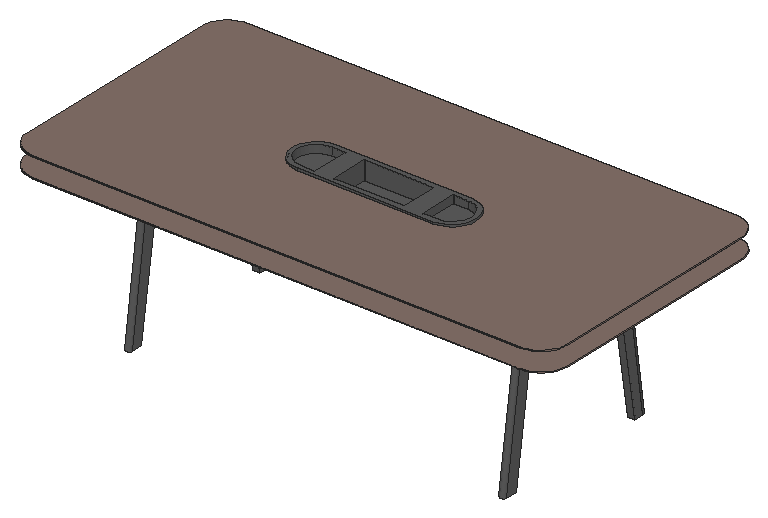
Revit family "Haworth_Immerse_StackTable_RectangleOnePieceTop", category Furniture Systems, Revit 2018
Family settings
  Round Connector Dimension = Use Diameter
  Part Type = Normal
  OmniClass Number = 23.40.70.14.64.21
  OmniClass Title = Systems Furniture
  Work Plane-Based = No
  Always vertical = Yes
  Cut with Voids When Loaded = No
  Shared = No
  Room Calculation Point = No
Parameters (values of type "60d 120w 39h - Oblong Planter")
  Warranty = "http://www.haworth.com/resources/product-info/warranties"
  Upper Top Thickness = 1 3/16"  # constant formula
  Understucture Thickness = 3 1/2"  # constant formula
  Understructure Overall Width = if([96 in. Width], 57", 81")  # 81"
  Understructure Finish [instance] = Haworth _ Paint _ Black
  URL - Product = "http://www.haworth.com/products/tables/collaborative/immerse"
  Top Finish [instance] = Haworth _ Wood _ Walnut
  Standard Sizes = "60d 96w, 60d 120w"  # constant formula
  Standard Height = "39 in."  # constant formula
  Size = "Verify Final Dim. w/ Haworth"  # constant formula
  Planter Finish [instance] = Haworth _ Paint _ Black
  Oblong Planter Void Height = if(Oblong Planter, 18", 6")  # 18"
  Oblong Planter = yes
  Model = "THRA-60C0"
  URL = "https://www.haworth.com/na/en.html"
  Revision Number = "1"  # constant formula
  Manufacturer = "Haworth"  # constant formula
  Lower Top Width = Actual Width - 2"  # 118"
  Lower Top Thickness = 1/8"  # constant formula
  Lower Top Cutout Width = Understructure Overall Width - 3"  # 78"
  Lower Top Cutout Depth = 12 1/2"  # constant formula
  Leg Finish [instance] = Haworth _ Wood _ Ink On Ash
  Description = "Haworth Immerse Stack Table Rectangle One Piece Top - 60d 120w 39h - Oblong Planter"
  Author = "Haworth (Bentzen)"  # constant formula
  Assembly Code = "E2020200"
  Actual Width = if([96 in. Width], 96", 120")  # 120"
  Actual Height = 39"  # constant formula
  Actual Depth = 60"  # constant formula
  96 in. Width = no
  120 in. Width = not([96 in. Width])  # yes
Types (4): name | Understructure Overall Width | Oblong Planter Void Height | Oblong Planter | Model | Lower Top Width | Lower Top Cutout Width | Description | Actual Width | 96 in. Width | 120 in. Width
  60d 120w 39h - No Planter | 81" | 6" | no | "THRA-60C0" | 118" | 78" | "Haworth Immerse Stack Table Rectangle One Piece Top - 60d 120w 39h - No Planter" | 120" | no | yes
  60d 120w 39h - Oblong Planter | 81" | 18" | yes | "THRA-60C0" | 118" | 78" | "Haworth Immerse Stack Table Rectangle One Piece Top - 60d 120w 39h - Oblong Planter" | 120" | no | yes
  60d 96w 39h - No Planter | 57" | 6" | no | "THRA-6096" | 94" | 54" | "Haworth Immerse Stack Table Rectangle One Piece Top - 60d 96w 39h - No Planter" | 96" | yes | no
  60d 96w 39h - Oblong Planter | 57" | 18" | yes | "THRA-6096" | 94" | 54" | "Haworth Immerse Stack Table Rectangle One Piece Top - 60d 96w 39h - Oblong Planter" | 96" | yes | no
Reference planes (in)
  plane 1 "Floor": z = 0
  plane 2 "Table Edge Left": x = -82.91
  plane 3 "Table Edge Right": x = 37.09
  plane 4 "Table Edge Front": y = -11.15866
  plane 5 "Table Edge Back": y = 48.84134
  plane 6: z = 39
  plane 7: z = 0
  plane 8: z = 34.69672
  plane 9: z = 38.07621
  plane 10: x = -22.91
  plane 11: y = 18.84134
  plane 12: z = 38.89592
  plane 13: z = 34.57172
  plane 14: x = -63.469
  plane 15: x = 17.531
  plane 16: x = -61.91
  plane 17: x = -7.91
  plane 18: y = 25.09134
  plane 19: y = 12.59134
  plane 20: z = 25.56605
  plane 21: z = 43.56605
  plane 22: x = -22.91
  plane 23: y = 18.84134
  plane 24: y = 8.2837
  plane 25: y = 30.09134
  plane 26: x = -65.27491
  plane 27: x = 19.45492
  plane 28: x = -81.91
  plane 29: x = 11.09
  plane 30: x = -4.72509
  plane 31: y = 8.97606
  plane 32: y = 29.39898
  plane 33: x = -63.72772
  plane 34: x = 17.90487
  plane 35: y = 35.41281
  plane 36: y = 2.26987
Forms (in)
  Extrusion 1, solid, material "Haworth _ Paint _ Black" <- "Understructure Finish"
    sketch origin (33.29267, 18.92741, 1.06449) x (1, 0, 0) y (0, 0, 1)
      loop
        line (-96.76167, 37.01172) -> (-98.56758, 37.01172) -> (-98.56758, 33.63223) -> (-96.76167, 33.63223) -> (-96.76167, 37.01172)
    from -11.16393 to 10.64371
  Blend 2, solid, material "Haworth _ Wood _ Walnut" <- "Top Finish"
    base sketch origin (35.18, 6, 33.64344) x (0, -1, 0) y (1, 0, 0)
      loop
        arc (-40.84134, -112) -> (-39.66977, -114.82843) -> (-36.84134, -116) r 4
        line (-36.84134, -116) -> (11.15866, -116)
        arc (11.15866, -116) -> (13.98709, -114.82843) -> (15.15866, -112) r 4
        line (15.15866, -112) -> (15.15866, -52.02809) -> (15.15866, -4.09)
        arc (15.15866, -4.09) -> (13.98709, -1.26157) -> (11.15866, -0.09) r 4
        line (11.15866, -0.09) -> (-12.14142, -0.09) -> (-34.1535, -0.09) -> (-36.84134, -0.09)
        arc (-36.84134, -0.09) -> (-39.66977, -1.26157) -> (-40.84134, -4.09) r 4
        line (-40.84134, -4.09) -> (-40.84134, -112)
    top sketch origin (35.18, 6, 29.94315) x (0, -1, 0) y (1, 0, 0)
      loop
        arc (-42.84134, -112) -> (-41.05762, -116.30628) -> (-36.75134, -118.09) r 6.09
        line (-36.75134, -118.09) -> (11.15866, -118.09)
        arc (11.15866, -118.09) -> (15.4013, -116.33264) -> (17.15866, -112.09) r 6
        line (17.15866, -112.09) -> (17.15866, -51.24856) -> (17.15866, -4.0891)
        arc (17.15866, -4.0891) -> (15.40156, 0.1529) -> (11.15956, 1.91) r 5.9991
        line (11.15956, 1.91) -> (-11.26323, 1.91) -> (-26.41945, 1.91) -> (-36.84134, 1.91)
        arc (-36.84134, 1.91) -> (-41.08398, 0.15264) -> (-42.84134, -4.09) r 6
        line (-42.84134, -4.09) -> (-42.84134, -51.24856) -> (-42.84134, -112)
    from 4.43277 to 8.95277
  Extrusion 3, solid, material "Haworth _ Wood _ Walnut" <- "Top Finish"
    sketch origin (47.09, 0, 1.5) x (1, 0, 0) y (0, 1, 0)
      loop
        arc (-124, 48.84134) -> (-128.24264, 47.08398) -> (-130, 42.84134) r 6
        line (-130, 42.84134) -> (-130, -5.15866)
        arc (-130, -5.15866) -> (-128.24264, -9.4013) -> (-124, -11.15866) r 6
        line (-124, -11.15866) -> (-16, -11.15866)
        arc (-16, -11.15866) -> (-11.75736, -9.4013) -> (-10, -5.15866) r 6
        line (-10, -5.15866) -> (-10, 42.84134)
        arc (-10, 42.84134) -> (-11.75736, 47.08398) -> (-16, 48.84134) r 6
        line (-16, 48.84134) -> (-124, 48.84134)
    from 37.39592 to 37.5
  Extrusion 4, solid, material "Haworth _ Paint _ Black" <- "Understructure Finish"
    sketch origin (-79.29267, 18.92741, 1.06449) x (-1, 0, 0) y (0, 0, -1)
      loop
        line (-96.82366, -37.01172) -> (-96.82366, -33.63223) -> (-98.74758, -33.63223) -> (-98.74758, -37.01172) -> (-96.82366, -37.01172)
    from -11.16393 to 10.64371
  Blend 5, solid, material "Haworth _ Wood _ Ink On Ash" <- "Leg Finish"
    base sketch origin (2.99444, -2.63299, 30.78682) x (0, 1, 0) y (-1, 0, 0)
      loop
        line (4.90286, -16.46047) -> (4.90286, -14.91042) -> (2.64952, -14.91042)
        arc (2.64952, -14.91042) -> (1.8745, -15.68545) -> (2.64952, -16.46047) r 0.77502
        line (2.64952, -16.46047) -> (4.90286, -16.46047)
    top sketch origin (2.99444, -2.63299, 29.43395) x (0, 1, 0) y (-1, 0, 0)
      loop
        line (10.91669, -16.46047) -> (10.91669, -14.91042) -> (8.31345, -14.91042)
        arc (8.31345, -14.91042) -> (7.53843, -15.68545) -> (8.31345, -16.46047) r 0.77502
        line (8.31345, -16.46047) -> (10.91669, -16.46047)
    from -30.78682 to 8.64226
  Extrusion 6, solid, material "Haworth _ Paint _ Black" <- "Understructure Finish"
    sketch origin (-47.92254, 130.72759, 1.06449) x (0, 1, 0) y (0, 0, 1)
      loop
        line (-101.32861, 37.01172) -> (-102.99825, 37.01172) -> (-102.99825, 33.63223) -> (-101.32861, 33.63223) -> (-101.32861, 37.01172)
    from -15.54646 to 65.45354
  Extrusion 7, solid, material "Haworth _ Paint _ Black" <- "Understructure Finish"
    sketch origin (-47.92254, -93.73727, 1.06449) x (0, -1, 0) y (0, 0, -1)
      loop
        line (-102.02097, -37.01172) -> (-102.02097, -33.63223) -> (-104.38297, -33.63223) -> (-104.38297, -37.01172) -> (-102.02097, -37.01172)
    from -15.54646 to 65.45354
  Blend 8, solid, material "Haworth _ Wood _ Ink On Ash" <- "Leg Finish"
    base sketch origin (2.9944, 40.31567, 30.78682) x (0, 1, 0) y (-1, 0, 0)
      loop
        line (-4.90286, -16.46052) -> (-2.64952, -16.46052)
        arc (-2.64952, -16.46052) -> (-1.8745, -15.68549) -> (-2.64952, -14.91047) r 0.77502
        line (-2.64952, -14.91047) -> (-4.90286, -14.91047) -> (-4.90286, -16.46052)
    top sketch origin (2.9944, 40.31567, 29.43395) x (0, 1, 0) y (-1, 0, 0)
      loop
        line (-10.91669, -16.46052) -> (-8.31345, -16.46052)
        arc (-8.31345, -16.46052) -> (-7.53843, -15.68549) -> (-8.31345, -14.91047) r 0.77502
        line (-8.31345, -14.91047) -> (-10.91669, -14.91047) -> (-10.91669, -16.46052)
    from -30.78682 to 8.64226
  Blend 9, solid, material "Haworth _ Wood _ Ink On Ash" <- "Leg Finish"
    base sketch origin (-48.81444, -2.63299, 30.78682) x (0, -1, 0) y (1, 0, 0)
      loop
        line (-4.90286, -16.46047) -> (-2.64952, -16.46047)
        arc (-2.64952, -16.46047) -> (-1.87593, -15.68688) -> (-2.64952, -14.91328) r 0.77359
        line (-2.64952, -14.91328) -> (-4.90286, -14.91328) -> (-4.90286, -16.46047)
    top sketch origin (-48.81444, -2.63299, 29.43395) x (0, -1, 0) y (1, 0, 0)
      loop
        line (-10.91669, -16.46047) -> (-8.31345, -16.46047)
        arc (-8.31345, -16.46047) -> (-7.53986, -15.68688) -> (-8.31345, -14.91328) r 0.77359
        line (-8.31345, -14.91328) -> (-10.91669, -14.91328) -> (-10.91669, -16.46047)
    from -30.78682 to 8.64226
  Blend 10, solid, material "Haworth _ Wood _ Ink On Ash" <- "Leg Finish"
    base sketch origin (-48.81444, 40.31567, 30.78682) x (0, -1, 0) y (1, 0, 0)
      loop
        line (4.90286, -16.46047) -> (4.90286, -14.91328) -> (2.64952, -14.91328)
        arc (2.64952, -14.91328) -> (1.87593, -15.68688) -> (2.64952, -16.46047) r 0.77359
        line (2.64952, -16.46047) -> (4.90286, -16.46047)
    top sketch origin (-48.81444, 40.31567, 29.43395) x (0, -1, 0) y (1, 0, 0)
      loop
        line (10.91669, -16.46047) -> (10.91669, -14.91328) -> (8.31345, -14.91328)
        arc (8.31345, -14.91328) -> (7.53986, -15.68688) -> (8.31345, -16.46047) r 0.77359
        line (8.31345, -16.46047) -> (10.91669, -16.46047)
    from -30.78682 to 8.64226
  Extrusion 11, void
    sketch origin (12, 0, 0) x (1, 0, 0) y (0, 1, 0)
      loop
        arc (-49.70484, 24.10781) -> (-54.97131, 18.84134) -> (-49.70484, 13.57487) r 5.26647
        line (-49.70484, 13.57487) -> (-34.91, 13.57487) -> (-20.09879, 13.57487)
        arc (-20.09879, 13.57487) -> (-14.83232, 18.84134) -> (-20.09879, 24.10781) r 5.26647
        line (-20.09879, 24.10781) -> (-34.91, 24.10781) -> (-49.70484, 24.10781)
    from 25.56605 to 43.56605
  Extrusion 12, solid, material "Haworth _ Wood _ Walnut" <- "Top Finish"
    sketch origin (-69.37567, 97.8605, 1.5) x (1, 0, 0) y (0, 1, 0)
      loop
        arc (-7.53433, -49.01916) -> (-11.77697, -50.77652) -> (-13.53433, -55.01916) r 6
        line (-13.53433, -55.01916) -> (-13.53433, -103.01916)
        arc (-13.53433, -103.01916) -> (-11.77697, -107.2618) -> (-7.53433, -109.01916) r 6
        line (-7.53433, -109.01916) -> (100.46567, -109.01916)
        arc (100.46567, -109.01916) -> (104.70831, -107.2618) -> (106.46567, -103.01916) r 6
        line (106.46567, -103.01916) -> (106.46567, -55.01916)
        arc (106.46567, -55.01916) -> (104.70831, -50.77652) -> (100.46567, -49.01916) r 6
        line (100.46567, -49.01916) -> (-7.53433, -49.01916)
    from 33.07172 to 33.19672
Cuts and joins
  Extrusion 11 cuts Blend 2
  Extrusion 11 cuts Extrusion 3
Lines and regions (in)
  Masking region 1
    outline origin (0, 0, 0) x (1, 0, 0) y (0, 1, 0)
      loop
        arc (-76.91, 48.84134) -> (-81.15264, 47.08398) -> (-82.91, 42.84134) r 6
        line (-82.91, 42.84134) -> (-82.91, -5.15866)
        arc (-82.91, -5.15866) -> (-81.15264, -9.4013) -> (-76.91, -11.15866) r 6
        line (-76.91, -11.15866) -> (31.09, -11.15866)
        arc (31.09, -11.15866) -> (35.33264, -9.4013) -> (37.09, -5.15866) r 6
        line (37.09, -5.15866) -> (37.09, 42.84134)
        arc (37.09, 42.84134) -> (35.33264, 47.08398) -> (31.09, 48.84134) r 6
        line (31.09, 48.84134) -> (-76.91, 48.84134)
  symbolic lines, style "Haworth Hidden", detail levels fine
    curve 1: line (-63.72491, 29.39898, 0) -> (17.90487, 29.39898, 0)
    curve 2: line (17.90491, 8.2837, 0) -> (-63.72491, 8.2837, 0)
    curve 3: line (-63.469, 27.72934, 0) -> (-63.469, 10.6457, 0)
    curve 4: line (-63.469, 10.6457, 0) -> (17.531, 10.6457, 0)
    curve 5: line (17.531, 10.6457, 0) -> (17.531, 27.72934, 0)
    curve 6: line (17.531, 27.72934, 0) -> (-63.469, 27.72934, 0)
    curve 7: line (-65.27491, 0.01653, 0) -> (-65.27491, 37.66615, 0)
    curve 8: line (19.45492, 37.66615, 0) -> (19.45492, 0.01653, 0)
    curve 9: arc (19.45492, 37.66615, 0) -> (18.67989, 38.44117, 0) -> (17.90487, 37.66615, 0) r 0.77502
    curve 10: arc (17.90491, 0.01653, 0) -> (18.67991, -0.75847, 0) -> (19.45492, 0.01653, 0) r 0.775
    curve 11: arc (-65.27491, 0.01653, 0) -> (-64.49991, -0.75847, 0) -> (-63.72491, 0.01653, 0) r 0.775
    curve 12: arc (-65.27491, 37.66615, 0) -> (-64.49991, 38.44115, 0) -> (-63.72491, 37.66615, 0) r 0.775
    curve 13: line (-63.72491, 37.66615, 0) -> (-63.72491, 29.39898, 0)
    curve 14: line (-63.72491, 0.01653, 0) -> (-63.72491, 8.2837, 0)
    curve 15: line (17.90491, 0.01653, 0) -> (17.90491, 8.2837, 0)
    curve 16: line (17.90487, 37.66615, 0) -> (17.90487, 29.39898, 0)
Dimensions and locks (in)
  "Actual Depth": plane 5 "Table Edge Back" to plane 4 "Table Edge Front"
  plane 5 "Table Edge Back" to plane 4 "Table Edge Front" = 60"
  "Actual Width": plane 2 "Table Edge Left" to plane 3 "Table Edge Right"
  plane 8 to plane 7 = 34.69672"
  plane 6 to plane 7 = 39"  (x2)
  plane 9 to plane 8 = 3.37949"
  "Lower Top Thickness": plane 8 to plane 13
  equal spacing: plane 2 "Table Edge Left", plane 10, plane 3 "Table Edge Right"
  "Understructure Overall Width": plane 14 to plane 15
  "Oblong Planter Void Height": plane 21 to plane 20
  plane 15 to plane 34 to plane 27 = 0.37387" locked, 1.55005" locked
  plane 26 to plane 33 to plane 14 = 1.54719" locked, 0.25872" locked
  aligned and locked: plane 5 "Table Edge Back" to Blend 2
  aligned and locked: plane 4 "Table Edge Front" to Blend 2 sketch curve  (x2)
  aligned and locked: plane 11 to nested 1
  aligned and locked: plane 10 to nested 1
  aligned and locked: plane 6 to Extrusion 3
  aligned and locked: plane 12 to Blend 2
  aligned and locked: Blend 2 to plane 9
  aligned and locked: nested 1 to plane 6
  aligned and locked: plane 9 to Extrusion 7
  aligned and locked: plane 9 to Blend 9
  aligned and locked: plane 9 to Blend 10
  aligned and locked: plane 9 to Blend 5
  aligned and locked: plane 9 to Blend 8
  aligned and locked: Extrusion 1 to plane 8
  aligned and locked: Extrusion 7 to plane 8
  aligned and locked: Extrusion 6 to plane 8
  aligned and locked: Extrusion 4 to plane 8
  aligned and locked: Extrusion 3 to plane 2 "Table Edge Left"
  aligned and locked: Extrusion 3 to plane 12
  aligned and locked: Extrusion 3 sketch curve to plane 4 "Table Edge Front"
  aligned and locked: plane 14 to Extrusion 6
  aligned and locked: plane 14 to Extrusion 7
  aligned and locked: Extrusion 7 to plane 15
  aligned and locked: Extrusion 6 to plane 15
  aligned and locked: Extrusion 11 to plane 21
  aligned and locked: Extrusion 11 to plane 20
  aligned and locked: nested 1 to plane 23
  aligned and locked: plane 10 to plane 22
  aligned and locked: plane 21 to Extrusion 11
  aligned and locked: plane 20 to Extrusion 11
  aligned and locked: Blend 9 to plane 7
  aligned and locked: Blend 10 to plane 7
  aligned and locked: Blend 5 to plane 7
  aligned and locked: Blend 8 to plane 7
  aligned and locked: Extrusion 1 to plane 24
  aligned and locked: Extrusion 1 to plane 25
  aligned and locked: Extrusion 4 to plane 25
  aligned and locked: Extrusion 4 to plane 24
  aligned and locked: Extrusion 7 to plane 24
  aligned and locked: Extrusion 1 to plane 26
  aligned and locked: Extrusion 1 to plane 14
  aligned and locked: plane 15 to Extrusion 4
  aligned and locked: plane 2 "Table Edge Left" to Blend 2 sketch curve
  aligned and locked: plane 3 "Table Edge Right" to Blend 2 sketch curve
  aligned and locked: Blend 2 sketch curve to plane 5 "Table Edge Back"
  aligned and locked: Extrusion 4 to plane 27  (x2)
  aligned and locked: Blend 8 to plane 27
  aligned and locked: plane 27 to Blend 5
  aligned and locked: Blend 8 sketch curve to plane 27  (x2)
  aligned and locked: Blend 8 sketch curve to plane 32
  aligned and locked: Extrusion 4 to plane 15
  aligned and locked: plane 27 to Blend 5 sketch curve  (x2)
  aligned and locked: plane 24 to Blend 5 sketch curve
  aligned and locked: plane 32 to Extrusion 6
  aligned and locked: Extrusion 6 to curve 6
  aligned and locked: plane 32 to curve 1
  aligned and locked: plane 13 to Extrusion 12
  aligned and locked: plane 8 to Extrusion 12
  aligned and locked: Extrusion 12 to plane 2 "Table Edge Left"  (x2)
  aligned and locked: Extrusion 12 to plane 4 "Table Edge Front"
  aligned and locked: plane 5 "Table Edge Back" to Extrusion 12
  aligned and locked: Extrusion 12 sketch curve to plane 3 "Table Edge Right"
  aligned and locked: Extrusion 12 sketch curve to plane 5 "Table Edge Back"
  aligned and locked: Extrusion 12 sketch curve to plane 4 "Table Edge Front"
  aligned and locked: Extrusion 12 sketch curve to plane 2 "Table Edge Left"
  aligned and locked: plane 36 to Blend 9 sketch curve
  aligned and locked: Blend 9 sketch curve to plane 26  (x2)
  aligned and locked: plane 33 to Blend 9 sketch curve  (x2)
  aligned and locked: Blend 9 sketch curve to plane 24
  aligned and locked: plane 35 to Blend 10 sketch curve
  aligned and locked: plane 26 to Blend 10 sketch curve
  aligned and locked: Blend 10 sketch curve to plane 33  (x2)
  aligned and locked: plane 32 to Blend 10 sketch curve
  aligned and locked: curve 7 to Blend 10 sketch curve
  aligned and locked: Blend 8 sketch curve to plane 35
  aligned and locked: Blend 8 sketch curve to plane 34  (x2)
  aligned and locked: Blend 5 sketch curve to plane 36
  aligned and locked: plane 34 to Blend 5 sketch curve  (x2)
Automatic sketch dimensions
  Extrusion 1 sketch curve to plane 9 = 0"
  Extrusion 1 sketch curve to plane 8 = 0"
  plane 14 to Extrusion 1 sketch curve = 1.80591"
  Extrusion 1 sketch curve to plane 14 = 0"
  Blend 2 sketch curve to plane 5 "Table Edge Back" = 2"
  Blend 2 sketch curve to Blend 2 sketch curve = 4"  (x2)
  Blend 2 sketch curve to plane 3 "Table Edge Right" = 2"
  Blend 2 sketch curve to Blend 2 sketch curve = 2.68784"
  Blend 2 sketch curve to plane 11 = 0.69992"
  plane 4 "Table Edge Front" to Blend 2 sketch curve = 6"  (x2)
  plane 2 "Table Edge Left" to Blend 2 sketch curve = 2.09"
  plane 4 "Table Edge Front" to Blend 2 sketch curve = 2"
  plane 17 to Blend 2 sketch curve = 8.93809"
  Blend 2 sketch curve to plane 5 "Table Edge Back" = 6"
  Blend 2 sketch curve to plane 5 "Table Edge Back" = 6.09"
  plane 18 to Blend 2 sketch curve = 7 21/64"
  Blend 2 sketch curve to plane 11 = 1 37/64"
  Blend 2 sketch curve to Blend 2 sketch curve = 6"
  plane 4 "Table Edge Front" to Blend 2 sketch curve = 5.9991"
  plane 17 to Blend 2 sketch curve = 8.15856"  (x2)
  Extrusion 3 sketch curve to plane 2 "Table Edge Left" = 0"
  Extrusion 3 sketch curve to plane 5 "Table Edge Back" = 0"
  Extrusion 3 sketch curve to plane 3 "Table Edge Right" = 0"
  plane 2 "Table Edge Left" to Extrusion 3 sketch curve = 6"  (x2)
  Extrusion 3 sketch curve to Extrusion 3 sketch curve = 6"
  Extrusion 3 sketch curve to plane 3 "Table Edge Right" = 6"
  Extrusion 4 sketch curve to plane 9 = 0"
  Extrusion 4 sketch curve to plane 8 = 0"
  Extrusion 4 sketch curve to plane 15 = 1.92392"
  plane 15 to Extrusion 4 sketch curve = 0"
  Blend 5 sketch curve to Blend 5 sketch curve = 2.25334"
  Blend 5 sketch curve to Blend 5 sketch curve = 2.60324"
  plane 9 to Extrusion 6 sketch curve = 0"
  plane 8 to Extrusion 6 sketch curve = 0"
  plane 18 to Extrusion 6 sketch curve = 2.638"
  Extrusion 6 sketch curve to Extrusion 6 sketch curve = 1.66964"
  plane 9 to Extrusion 7 sketch curve = 0"
  Extrusion 7 sketch curve to plane 8 = 0"
  plane 19 to Extrusion 7 sketch curve = 1.94564"
  Extrusion 7 sketch curve to Extrusion 7 sketch curve = 2.362"
  Blend 8 sketch curve to Blend 8 sketch curve = 2.25334"
  Blend 8 sketch curve to Blend 8 sketch curve = 2.60324"
  Blend 9 sketch curve to Blend 9 sketch curve = 2.25334"
  Blend 9 sketch curve to Blend 9 sketch curve = 2.60324"
  Blend 10 sketch curve to Blend 10 sketch curve = 2.25334"
  Blend 10 sketch curve to Blend 10 sketch curve = 2.60324"
  Masking region 1 sketch curve to plane 2 "Table Edge Left" = 0"
  Masking region 1 sketch curve to plane 5 "Table Edge Back" = 0"
  Masking region 1 sketch curve to plane 4 "Table Edge Front" = 0"
  Masking region 1 sketch curve to plane 3 "Table Edge Right" = 0"
  plane 2 "Table Edge Left" to Masking region 1 sketch curve = 6"  (x2)
  Masking region 1 sketch curve to plane 3 "Table Edge Right" = 6"  (x2)
  Extrusion 11 sketch curve to plane 23 = 0"
  Extrusion 11 sketch curve to plane 22 = 0"  (x2)
  Extrusion 11 sketch curve to plane 22 = 14.79484"
  plane 23 to Extrusion 11 sketch curve = 5.26647"
  plane 22 to Extrusion 11 sketch curve = 14.8112"
  curve 7 to plane 26 = 0"
  curve 14 to plane 24 = 0"
  curve 3 to plane 14 = 0"
  curve 5 to plane 15 = 0"
  curve 9 to plane 27 = 0"
  curve 7 to curve 11 = 0.775"
  curve 12 to curve 12 = 0.775"
  curve 15 to plane 15 = 0.37391"
  curve 15 to plane 24 = 8.26717"
  curve 14 to curve 2 = 8.26717"
  curve 4 to plane 31 = 1.66964"
  curve 13 to plane 25 = 7.57481"
  curve 9 to plane 25 = 7.57481"
  curve 1 to plane 15 = 0.37387"
  plane 28 to Extrusion 12 sketch curve = 5"  (x2)
  Extrusion 12 sketch curve to plane 3 "Table Edge Right" = 6"
  Extrusion 12 sketch curve to Extrusion 12 sketch curve = 6"
Nested families (in)
  nested 1: "Haworth_Immerse_Planter_Oblong" at (17.59, 30, 9.50002), Planter Finish <- "Planter Finish", visible <- "Oblong Planter", type "EHPO"
    with Planter Finish Haworth _ Paint _ Black
Definition of nested family "Haworth_Immerse_Planter_Oblong"
  Parameters
    Warranty = "http://www.haworth.com/product-info/warranties"
    URL - Product = "http://www.haworth.com/products/tables/collaborative/immerse"
    Planter Finish [instance] = none
    Model = "EHPO"
    URL = "http://www.haworth.com/"
    Revision Number = "1"  # constant formula
    Manufacturer = "Haworth"  # constant formula
    Description = "Haworth Immerse Planter Oblong"
    Author = "Haworth (Hampton)"  # constant formula
    Assembly Code = "E2020200"
  Reference planes (in)
    plane 1 "Floor": z = 0
    plane 2 "Center L/R": x = -40.5
    plane 3 "Center": y = -11.15866
    plane 4 "Surface Top": z = 29.49998
    plane 5 "Side Bottom": z = 27.99998
    plane 6: x = -60.875
    plane 7: x = -20.125
    plane 8: y = -5.88828
    plane 9: y = -16.42904
    plane 10 "Center Bottom": z = 25.548
    plane 11 "Planter Top": z = 30.24998
  Forms (in)
    Extrusion 1, solid, material <- "Planter Finish"
      sketch origin (0, 0, 35.87445) x (0, -1, 0) y (1, 0, 0)
        loop
          line (5.88828, -25.4095) -> (5.88828, -55.5905)
          arc (5.88828, -55.5905) -> (11.15866, -60.86088) -> (16.42904, -55.5905) r 5.27038
          line (16.42904, -55.5905) -> (16.42904, -25.4095)
          arc (16.42904, -25.4095) -> (11.15866, -20.13912) -> (5.88828, -25.4095) r 5.27038
      from -6.37446 to -5.93901
    Extrusion 2, solid, material <- "Planter Finish"
      sketch origin (0, 0, 35.87445) x (0, -1, 0) y (1, 0, 0)
        loop
          arc (15.3122, -29.08454) -> (15.75414, -28.90148) -> (15.9372, -28.45954) r 0.625
          line (15.9372, -28.45954) -> (15.9372, -25.41)
          arc (15.9372, -25.41) -> (11.15866, -20.63146) -> (6.38012, -25.41) r 4.77854
          line (6.38012, -25.41) -> (6.38012, -28.45954)
          arc (6.38012, -28.45954) -> (6.56318, -28.90148) -> (7.00512, -29.08454) r 0.625
          line (7.00512, -29.08454) -> (15.3122, -29.08454)
        loop
          line (15.3122, -51.91546) -> (7.00512, -51.91546)
          arc (7.00512, -51.91546) -> (6.56318, -52.09852) -> (6.38012, -52.54046) r 0.625
          line (6.38012, -52.54046) -> (6.38012, -55.59)
          arc (6.38012, -55.59) -> (11.15866, -60.36854) -> (15.9372, -55.59) r 4.77854
          line (15.9372, -55.59) -> (15.9372, -52.54046)
          arc (15.9372, -52.54046) -> (15.75414, -52.09852) -> (15.3122, -51.91546) r 0.625
      from -7.87446 to -6.37446
    Extrusion 3, solid, material <- "Planter Finish"
      sketch origin (0, 0, 35.87445) x (0, -1, 0) y (1, 0, 0)
        loop
          line (15.9372, -48.21154) -> (15.9372, -32.78846)
          arc (15.9372, -32.78846) -> (15.75414, -32.34652) -> (15.3122, -32.16346) r 0.625
          line (15.3122, -32.16346) -> (7.00512, -32.16346)
          arc (7.00512, -32.16346) -> (6.56318, -32.34652) -> (6.38012, -32.78846) r 0.625
          line (6.38012, -32.78846) -> (6.38012, -48.21154)
          arc (6.38012, -48.21154) -> (6.56318, -48.65348) -> (7.00512, -48.83654) r 0.625
          line (7.00512, -48.83654) -> (15.3122, -48.83654)
          arc (15.3122, -48.83654) -> (15.75414, -48.65348) -> (15.9372, -48.21154) r 0.625
      from -10.32645 to -6.37446
    Extrusion 4, void
      sketch origin (0, 0, 35.87445) x (0, -1, 0) y (1, 0, 0)
        loop
          arc (7.00512, -52.41546) -> (6.91673, -52.45207) -> (6.88012, -52.54046) r 0.125
          line (6.88012, -52.54046) -> (6.88012, -55.59)
          arc (6.88012, -55.59) -> (11.15866, -59.86854) -> (15.4372, -55.59) r 4.27854
          line (15.4372, -55.59) -> (15.4372, -52.54046)
          arc (15.4372, -52.54046) -> (15.40059, -52.45207) -> (15.3122, -52.41546) r 0.125
          line (15.3122, -52.41546) -> (7.00512, -52.41546)
        loop
          line (7.00512, -28.58454) -> (15.3122, -28.58454)
          arc (15.3122, -28.58454) -> (15.40059, -28.54793) -> (15.4372, -28.45954) r 0.125
          line (15.4372, -28.45954) -> (15.4372, -25.41)
          arc (15.4372, -25.41) -> (11.15866, -21.13146) -> (6.88012, -25.41) r 4.27854
          line (6.88012, -25.41) -> (6.88012, -28.45954)
          arc (6.88012, -28.45954) -> (6.91673, -28.54793) -> (7.00512, -28.58454) r 0.125
      from -7.67122 to -5.62446
    Extrusion 5, void
      sketch origin (0, 0, 35.87445) x (0, -1, 0) y (1, 0, 0)
        loop
          arc (15.4372, -32.78846) -> (15.40059, -32.70007) -> (15.3122, -32.66346) r 0.125
          line (15.3122, -32.66346) -> (7.00512, -32.66346)
          arc (7.00512, -32.66346) -> (6.91673, -32.70007) -> (6.88012, -32.78846) r 0.125
          line (6.88012, -32.78846) -> (6.88012, -48.21154)
          arc (6.88012, -48.21154) -> (6.91673, -48.29993) -> (7.00512, -48.33654) r 0.125
          line (7.00512, -48.33654) -> (15.3122, -48.33654)
          arc (15.3122, -48.33654) -> (15.40059, -48.29993) -> (15.4372, -48.21154) r 0.125
          line (15.4372, -48.21154) -> (15.4372, -32.78846)
      from -10.07019 to -5.62446
  Cuts and joins
    Extrusion 4, Extrusion 5 cuts Extrusion 1
    Extrusion 4 cuts Extrusion 2
    Extrusion 5 cuts Extrusion 3
    joined: Extrusion 1, Extrusion 2, Extrusion 3
  Lines and regions (in)
    Masking region 1
      outline origin (0, 0, 35.87445) x (0, -1, 0) y (1, 0, 0)
        loop
          arc (5.88828, -55.5905) -> (11.15866, -60.86088) -> (16.42904, -55.5905) r 5.27038
          line (16.42904, -55.5905) -> (16.42904, -25.4095)
          arc (16.42904, -25.4095) -> (11.15866, -20.13912) -> (5.88828, -25.4095) r 5.27038
          line (5.88828, -25.4095) -> (5.88828, -55.5905)
  Dimensions and locks (in)
    aligned and locked: plane 4 "Surface Top" to Extrusion 1
    aligned and locked: Extrusion 2 to plane 5 "Side Bottom"
    aligned and locked: Extrusion 2 to plane 4 "Surface Top"
    aligned and locked: plane 10 "Center Bottom" to Extrusion 3
    aligned and locked: Extrusion 3 to plane 4 "Surface Top"
    aligned and locked: Extrusion 4 to plane 11 "Planter Top"
